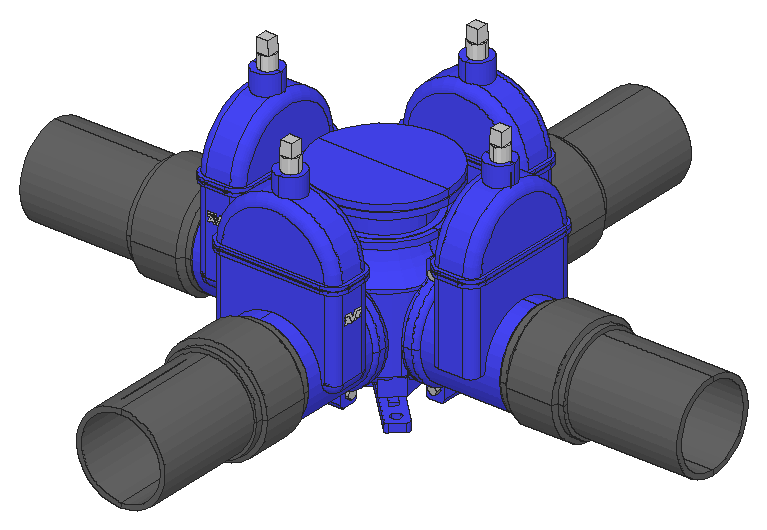
Revit family "18-01-010 DN200 Combicross without BL_CAP", category Pipe Accessories, Revit 2022
Family settings
  Round Connector Dimension = Use Diameter
  Part Type = Valve - Breaks Into
  Work Plane-Based = No
  Always vertical = Yes
  Cut with Voids When Loaded = No
  Shared = No
Parameters (values of type "DN200 Without BL_CAP")
  test = 100 mm  # constant formula
  blind cap = 220 mm  # constant formula
  URL_product_pages = "https://www.avkvalves.com/P.aspx?no=1820001FFFF94764"
  Search_table = "18-01-010 DN200 Combicross without BL_CAP"
  Rib_dim2 = 510 mm * 0.04  # 20.4 mm
  Rib_dim1 = 55 mm * 0.2  # 11 mm
  Raised_dis = size_lookup(Search_table, "Raised_dis", 0 mm, DN)  # 3 mm
  Rib_dim3 = PCD * 0.45  # 180 mm
  PCD = 510 mm - 110 mm  # 400 mm
  L3 = size_lookup(Search_table, "L3", 0 mm, DN)  # 1055 mm
  L = size_lookup(Search_table, "L", 0 mm, DN) / 2  # 834.5 mm
  Hole_dia = 26 mm / 2  # 13 mm
  H3-H1 = H3 - H1  # 490 mm
  H3 = size_lookup(Search_table, "H3", 0 mm, DN)  # 685 mm
  H1 = size_lookup(Search_table, "H1", 0 mm, DN)  # 195 mm
  FL_T = size_lookup(Search_table, "FL_T", 0 mm, DN)  # 16 mm
  Description_ = "COMBI-CROSS, PE PIPE ENDS, PN16"
  Default Elevation = 0 mm
  DN200 Without BL_CAP = "18-200-01-FFFF94764"
  DN = 200 mm
  Conn.3 = size_lookup(Search_table, "Conn.3", 0 mm, DN)  # 225 mm
  Conn.2 = size_lookup(Search_table, "Conn.2", 0 mm, DN)  # 225 mm
  Conn.1 = size_lookup(Search_table, "Conn.1", 0 mm, DN)  # 225 mm
  L4 = size_lookup(Search_table, "L4", 0 mm, DN)  # 280 mm
  Centre_Flange_OD = size_lookup(Search_table, "Centre_Flange_OD", 0 mm, DN) / 2  # 110 mm
  Centre_Bnt_H = size_lookup(Search_table, "Centre_Bnt_H", 0 mm, DN)  # 85 mm
  Centre_dis = size_lookup(Search_table, "Centre_dis", 0 mm, DN) / 2  # 165 mm
  Centre_B_H = size_lookup(Search_table, "Centre_B_H", 0 mm, DN)  # 203 mm
  C_to_connection = size_lookup(Search_table, "C_to_connection", 0 mm, DN)  # 165 mm
  C_FL_D = size_lookup(Search_table, "C_FL_D", 0 mm, DN) / 2  # 140 mm
  C_Bnt_OD = Bore * 1.25  # 125 mm
  Bore = DN / 2  # 100 mm
  Body_T = size_lookup(Search_table, "Body_T", 0 mm, DN)  # 9 mm
  Bnt_RR = Centre_dis * 0.85  # 140.25 mm
  55/2 = 55 mm / 2  # 27.5 mm
  510 = 510 mm / 2  # 255 mm
  40 = 40 mm  # constant formula
  320 = 320 mm / 2  # 160 mm
  30 = 30 mm  # constant formula
  20 = 20 mm  # constant formula
  2 = 2 mm  # constant formula
  185 = 185 mm  # constant formula
  15 = 15 mm  # constant formula
  10 = 10 mm  # constant formula
  1 = 150 mm  # constant formula
Reference planes
  plane 1 "Center (Front/Back)": y = 0
  plane 2: z = 0
  plane 3 "Center (Left/Right)": x = 0
  plane 4: through (0, 0, 1200) normal (-0.7071, 0.7071, 0)
  plane 5: through (0, 0, 1200) normal (-0.7071, -0.7071, 0)
  plane 6: z = 100
  plane 7: z = -100
  plane 8: z = 203
  plane 9: z = 187
  plane 10: x = -100
  plane 11: x = 100
  plane 12: x = -165
  plane 13: x = 165
  plane 14: z = 288
  plane 15: z = 285
  plane 16: z = 304
  plane 17: z = 490
  plane 18: x = -165
  plane 19: x = 165
  plane 20: y = 165
  plane 21: y = -165
  plane 22: through (124.616, -485.241, 1200) normal (0.7071, 0.7071, 0)
  plane 23: z = -195
  plane 24: z = -165
  plane 25: through (-593.135, 232.511, 1200) normal (0.7071, 0.7071, 0)
  plane 26: y = -75
  plane 27: x = -75
  plane 28: through (-126.931, 487.555, 1200) normal (0.7071, 0.7071, 0)
  plane 29: through (-400.771, -40.147, 1200) normal (-0.7071, 0.7071, 0)
  plane 30: through (-24.107, -384.732, 1200) normal (-0.7071, 0.7071, 0)
  plane 31: through (58.234, 97.33, 1200) normal (0.7071, 0.7071, 0)
  plane 32: through (-97.33, -58.234, 1200) normal (0.7071, 0.7071, 0)
  plane 33: through (58.234, -97.33, 1200) normal (-0.7071, 0.7071, 0)
  plane 34: through (-97.33, 58.234, 1200) normal (-0.7071, 0.7071, 0)
  plane 35: x = -834.5
  plane 36: x = 834.5
  plane 37: y = 834.5
  plane 38: y = 554.5
  plane 39: y = -220
Forms (mm)
  Revolve 1, solid, material "Laminate, Blue, Matte"
    sketch origin (0, 0, -71.799) x (1, 0, 0) y (0, 0, 1)
      loop
        line (-165, 180.799) -> (-165, 171.799) -> (-100, 171.799) -> (-100, 258.799) -> (-109, 258.799)
        arc (-109, 258.799) -> (-126.628, 212.353) -> (-165, 180.799) r 96.646
      axis (0, 258.799) -> (0, 171.799)
    angle from 0 to 360
  Revolve 2, solid, material "Laminate, Blue, Matte"
    sketch origin (0, 0, 0) x (1, 0, 0) y (0, 0, 1)
      loop
        line (165, 285) -> (140.25, 285) -> (140.25, 288) -> (100, 288) -> (100, 203) -> (109, 203) -> (109, 269) -> (165, 269) -> (165, 285)
      axis (0, 288) -> (0, 203)
    angle from 0 to 360
  Extrusion 3, solid, material "Laminate, Blue, Matte"
    sketch origin (-442.62, -1524, 203) x (-1, 0, 0) y (0, -1, 0)
      loop
        circle (-442.62, -1524) r 125
      loop
        circle (-442.62, -1524) r 100
    from 0 to -16
  Revolve 4, solid, material "Laminate, Blue, Matte"
    sketch origin (0, 0, 0) x (1, 0, 0) y (0, 0, 1)
      loop
        line (-165, 304) -> (-165, 288) -> (0, 288) -> (0, 304) -> (-165, 304)
      axis (0, 288) -> (0, 304)
    angle from 0 to 360
  Revolve 5, solid, material "Laminate, Blue, Matte"
    sketch origin (0, 0, 0) x (1, 0, 0) y (0, 0, 1)
      loop
        line (0, 100) -> (-165, 100) -> (-165, -89)
        arc (-165, -89) -> (-159.142, -103.142) -> (-145, -109) r 20
        line (-145, -109) -> (0, -109) -> (0, 100)
      axis (0, 100) -> (0, -109)
    angle from 0 to 360
  Revolve 6, solid, material "Laminate, Blue, Matte"
    sketch origin (0, 0, 0) x (1, 0, 0) y (0, 0, 1)
      loop
        line (-140, 203) -> (-140, 187) -> (0, 187) -> (0, 203) -> (-140, 203)
      axis (0, 203) -> (0, 187)
    angle from 0 to 360
  Extrusion 7, solid, material "Laminate, Blue, Matte"
    sketch origin (0, 0, 0) x (1, 0, 0) y (0, 0, 1)
      loop
        circle (0, 0) r 100
    from -165 to 165
  Extrusion 8, solid, material "Laminate, Blue, Matte"
    sketch origin (0, 0, 0) x (0, 1, 0) y (0, 0, 1)
      loop
        circle (0, 0) r 100
    from -165 to 165
  Extrusion 9, solid, material "Laminate, Blue, Matte"
    sketch origin (-49.134, 0, 0) x (1, 0, 0) y (0, 1, 0)
      loop
        line (-143.552, -167.938) -> (-118.804, -192.687)
        arc (-118.804, -192.687) -> (-111.733, -195.616) -> (-104.662, -192.687) r 10
        line (-104.662, -192.687) -> (49.134, -38.891) -> (202.93, -192.687)
        arc (202.93, -192.687) -> (210.001, -195.616) -> (217.072, -192.687) r 10
        line (217.072, -192.687) -> (241.821, -167.938)
        arc (241.821, -167.938) -> (244.75, -160.867) -> (241.821, -153.796) r 10
        line (241.821, -153.796) -> (88.025, 0) -> (241.821, 153.796)
        arc (241.821, 153.796) -> (244.75, 160.867) -> (241.821, 167.938) r 10
        line (241.821, 167.938) -> (217.072, 192.687)
        arc (217.072, 192.687) -> (210.001, 195.616) -> (202.93, 192.687) r 10
        line (202.93, 192.687) -> (49.134, 38.891) -> (-104.662, 192.687)
        arc (-104.662, 192.687) -> (-111.733, 195.616) -> (-118.804, 192.687) r 10
        line (-118.804, 192.687) -> (-143.552, 167.938)
        arc (-143.552, 167.938) -> (-146.481, 160.867) -> (-143.552, 153.796) r 10
        line (-143.552, 153.796) -> (10.243, 0) -> (-143.552, -153.796)
        arc (-143.552, -153.796) -> (-146.481, -160.867) -> (-143.552, -167.938) r 10
      loop
        circle (-110.866, -160) r 13
      loop
        circle (209.134, 160) r 13
      loop
        circle (209.134, -160) r 13
      loop
        circle (-110.866, 160) r 13
    from -145 to -165
  Extrusion 10, solid, material "Laminate, Blue, Matte"
    sketch origin (-49.134, 0, 0) x (1, 0, 0) y (0, 1, 0)
      loop
        arc (7.168, 84.393) -> (-22.762, 73.329) -> (-50.003, 56.711) r 165
        arc (-50.003, 56.711) -> (-46.166, 0.021) -> (-49.963, -56.67) r 422.946
        arc (-49.963, -56.67) -> (-22.715, -73.283) -> (7.222, -84.339) r 165
        arc (7.222, -84.339) -> (85.141, -81.585) -> (141.826, -135.118) r 101.048
        arc (141.826, -135.118) -> (165.421, -116.375) -> (185.214, -93.653) r 165
        arc (185.214, -93.653) -> (170.726, -0.064) -> (185.102, 93.541) r 310.722
        arc (185.102, 93.541) -> (165.83, 116.696) -> (142.669, 135.962) r 165
        arc (142.669, 135.962) -> (85.388, 82.667) -> (7.168, 84.393) r 103.982
    from -135 to 0
  Extrusion 11, solid, material "Laminate, Blue, Matte"
    sketch origin (-49.134, 0, 0) x (1, 0, 0) y (0, 1, 0)
      loop
        line (49.134, 14.142) -> (-71.074, 134.35) -> (-85.216, 120.208) -> (34.992, 0) -> (-85.216, -120.208) -> (-71.074, -134.35) -> (49.134, -14.142) -> (169.342, -134.35) -> (183.484, -120.208) -> (63.276, 0) -> (183.484, 120.208) -> (169.342, 134.35) -> (49.134, 14.142)
    from -139.465 to -195
  Extrusion 12, solid, material "Laminate, Blue, Matte"
    sketch origin (-49.134, 0, 0) x (1, 0, 0) y (0, 1, 0)
      loop
        line (104.713, 71.135) -> (120.269, 55.579) -> (149.119, 84.429) -> (133.563, 99.985) -> (104.713, 71.135)
      loop
        line (-50.851, -84.429) -> (-35.294, -99.985) -> (-6.444, -71.135) -> (-22.001, -55.579) -> (-50.851, -84.429)
      loop
        line (149.119, -84.429) -> (120.269, -55.579) -> (104.713, -71.135) -> (133.563, -99.985) -> (149.119, -84.429)
      loop
        line (-6.444, 71.135) -> (-35.294, 99.985) -> (-50.851, 84.429) -> (-22.001, 55.579) -> (-6.444, 71.135)
    from -165 to 100
Dimensions and locks
  equal spacing: plane 6, level, plane 7
  "Bore": plane 6 to level
  "Centre_B_H": plane 8 to level
  "FL_T": plane 8 to plane 9
  equal spacing: plane 11, plane 3 "Center (Left/Right)", plane 10
  "Bore": plane 3 "Center (Left/Right)" to plane 10
  "Body_T": plane 10 to Revolve 1 sketch curve
  equal spacing: plane 13, plane 3 "Center (Left/Right)", plane 12
  "Centre_dis": plane 3 "Center (Left/Right)" to plane 12
  "Centre_Bnt_H": plane 8 to plane 14
  "Raised_dis": Revolve 2 sketch curve to plane 14
  "Body_T": Revolve 2 sketch curve to plane 11
  "Raised_dis": plane 15 to plane 14
  "FL_T": Revolve 2 sketch curve to plane 15
  "Bnt_RR": Revolve 2 sketch curve to plane 3 "Center (Left/Right)"
  equal spacing: Extrusion 3 sketch curve, plane 3 "Center (Left/Right)", Extrusion 3 sketch curve  (x2)
  equal spacing: Extrusion 3 sketch curve, plane 1 "Center (Front/Back)", Extrusion 3 sketch curve  (x2)
  "FL_T": plane 16 to plane 14
  "H3-H1": plane 17 to level
  "Body_T": plane 7 to Revolve 5 sketch curve
  "C_FL_D": plane 3 "Center (Left/Right)" to Revolve 6 sketch curve
  equal spacing: Extrusion 7 sketch curve, plane 3 "Center (Left/Right)", Extrusion 7 sketch curve
  equal spacing: Extrusion 7 sketch curve, level, Extrusion 7 sketch curve
  equal spacing: Extrusion 7, plane 1 "Center (Front/Back)", Extrusion 7
  "C_to_connection": Extrusion 7 to plane 1 "Center (Front/Back)"
  equal spacing: plane 19, plane 3 "Center (Left/Right)", plane 18
  "C_to_connection": plane 3 "Center (Left/Right)" to plane 18
  equal spacing: Extrusion 8 sketch curve, plane 1 "Center (Front/Back)", Extrusion 8 sketch curve
  equal spacing: Extrusion 8 sketch curve, level, Extrusion 8 sketch curve
  equal spacing: Extrusion 8, plane 3 "Center (Left/Right)", Extrusion 8
  equal spacing: plane 20, plane 1 "Center (Front/Back)", plane 21
  "C_to_connection": plane 20 to plane 1 "Center (Front/Back)"
  equal spacing: Extrusion 9 sketch curve, plane 4, Extrusion 9 sketch curve
  "55/2": Extrusion 9 sketch curve to plane 4
  "510": plane 5 to Extrusion 9 sketch curve
  "510": plane 5 to plane 22
  "H1": level to plane 23
  "30": Extrusion 9 to plane 23
  "30": plane 24 to plane 23
  "20": Extrusion 9 to plane 24
  "510": plane 5 to plane 25
  "510": plane 28 to plane 5
  Extrusion 9 sketch curve to Extrusion 9 sketch curve = 55 mm
  "510": plane 29 to plane 4
  "510": plane 4 to plane 30
  "Body_T": Revolve 1 sketch curve to plane 6
  "Centre_Flange_OD": plane 31 to plane 5
  equal spacing: Extrusion 12 sketch curve, plane 4, Extrusion 12 sketch curve  (x2)
  "Rib_dim2": plane 31 to Extrusion 12 sketch curve
  "Rib_dim2": Extrusion 12 sketch curve to plane 31
  "Rib_dim1": Extrusion 12 sketch curve to plane 4
  equal spacing: Extrusion 12 sketch curve, plane 5, Extrusion 12 sketch curve  (x2)
  "Rib_dim2": Extrusion 12 sketch curve to plane 32
  "Rib_dim2": plane 33 to Extrusion 12 sketch curve
  "Rib_dim2": Extrusion 12 sketch curve to plane 33
  "Rib_dim2": plane 34 to Extrusion 12 sketch curve
  "Rib_dim1": Extrusion 12 sketch curve to plane 5
  "Rib_dim1": plane 5 to Extrusion 12 sketch curve
  equal spacing: Extrusion 9 sketch curve, plane 5, Extrusion 9 sketch curve
  "320": Extrusion 9 sketch curve to plane 3 "Center (Left/Right)"  (x2)
  "320": plane 3 "Center (Left/Right)" to Extrusion 9 sketch curve  (x2)
  equal spacing: Extrusion 11 sketch curve, plane 4, Extrusion 11 sketch curve  (x2)
  equal spacing: Extrusion 11 sketch curve, plane 5, Extrusion 11 sketch curve  (x2)
  "10": Extrusion 11 sketch curve to plane 5
  "10": plane 4 to Extrusion 11 sketch curve
  "Rib_dim3": Extrusion 11 sketch curve to plane 5
  "Rib_dim3": Extrusion 11 sketch curve to plane 4
  equal spacing: Extrusion 10 sketch curve, plane 5, Extrusion 10 sketch curve  (x2)
  "30": plane 5 to Extrusion 10 sketch curve
  equal spacing: Extrusion 10 sketch curve, plane 4, Extrusion 10 sketch curve  (x2)
  "30": Extrusion 10 sketch curve to plane 5
  "30": plane 4 to Extrusion 10 sketch curve  (x2)
  "L": plane 35 to plane 3 "Center (Left/Right)"
  "L": plane 3 "Center (Left/Right)" to plane 36
  plane 35 to plane 36 = 1669 mm
  "L": plane 1 "Center (Front/Back)" to plane 37
  "L4": plane 37 to plane 38
  "blind cap": plane 39 to plane 1 "Center (Front/Back)"
  plane 37 to plane 38 = 280 mm
  plane 17 to plane 23 = 685 mm
  level to plane 23 = 195 mm
  "Bore": radius of Extrusion 3 sketch curve
  "C_Bnt_OD": radius of Extrusion 3 sketch curve
  "Bore": radius of Extrusion 7 sketch curve
  "Bore": radius of Extrusion 8 sketch curve
  "Hole_dia": radius of Extrusion 9 sketch curve  (x4)
  "10": radius of Extrusion 9 sketch curve  (x8)
  "Centre_dis": radius of Extrusion 10 sketch curve  (x4)
  aligned and locked: level to plane 2
  aligned and locked: Revolve 1 sketch curve to plane 3 "Center (Left/Right)"
  aligned and locked: Revolve 1 sketch curve to plane 6
  aligned and locked: plane 10 to Revolve 1 sketch curve
  aligned and locked: plane 9 to Revolve 1 sketch curve
  aligned and locked: Revolve 1 sketch curve to plane 12
  aligned and locked: Revolve 2 sketch curve to plane 3 "Center (Left/Right)"
  aligned and locked: plane 8 to Revolve 2 sketch curve
  aligned and locked: Revolve 2 sketch curve to plane 11
  aligned and locked: plane 14 to Revolve 2 sketch curve
  aligned and locked: plane 13 to Revolve 2 sketch curve
  aligned and locked: plane 8 to Extrusion 3
  aligned and locked: Extrusion 3 to plane 9
  aligned and locked: plane 16 to Revolve 4 sketch curve
  aligned and locked: plane 12 to Revolve 4 sketch curve
  aligned and locked: plane 14 to Revolve 4 sketch curve
  aligned and locked: Revolve 4 sketch curve to plane 3 "Center (Left/Right)"
  aligned and locked: Revolve 4 sketch curve to plane 16
  aligned and locked: plane 3 "Center (Left/Right)" to Revolve 5 sketch curve
  aligned and locked: plane 6 to Revolve 5 sketch curve
  aligned and locked: Revolve 5 sketch curve to plane 3 "Center (Left/Right)"
  aligned and locked: Revolve 6 sketch curve to plane 3 "Center (Left/Right)"  (x2)
  aligned and locked: Revolve 6 sketch curve to plane 8
  aligned and locked: plane 9 to Revolve 6 sketch curve
  aligned and locked: Extrusion 8 to plane 18
  aligned and locked: Extrusion 9 sketch curve to plane 22
  aligned and locked: level to Extrusion 10
  aligned and locked: Extrusion 9 sketch curve to plane 28
  aligned and locked: Extrusion 9 sketch curve to Extrusion 9 sketch curve  (x2)
  aligned and locked: plane 30 to Extrusion 9 sketch curve
  aligned and locked: Extrusion 9 sketch curve to plane 29
  aligned and locked: Extrusion 11 sketch curve to Extrusion 11 sketch curve  (x4)
  aligned and locked: Extrusion 12 sketch curve to Extrusion 12 sketch curve  (x4)
  aligned and locked: Extrusion 12 to plane 24
  aligned and locked: plane 6 to Extrusion 12
  aligned and locked: plane 18 to nested 1
  aligned and locked: plane 20 to nested 2
  aligned and locked: nested 2 to plane 3 "Center (Left/Right)"
  aligned and locked: nested 3 to plane 19
  aligned and locked: nested 3 to plane 1 "Center (Front/Back)"
  aligned and locked: plane 3 "Center (Left/Right)" to nested 4
  aligned and locked: nested 4 to plane 21
  aligned and locked: Extrusion 11 to plane 23
Automatic sketch dimensions
  Revolve 4 sketch curve to plane 3 "Center (Left/Right)" = 0 mm
  plane 16 to Revolve 4 sketch curve = 85 mm
  Revolve 1 sketch curve to plane 8 = 6.082 mm
  Revolve 1 sketch curve to plane 9 = 32.024 mm
  plane 8 to Revolve 1 sketch curve = 16.976 mm
  Revolve 2 sketch curve to plane 17 = 11.711 mm
  plane 17 to Revolve 2 sketch curve = 3.289 mm
  Revolve 5 sketch curve to plane 12 = 0 mm
  plane 12 to Revolve 5 sketch curve = 20 mm
  Revolve 5 sketch curve to Revolve 5 sketch curve = 31 mm
  Revolve 5 sketch curve to plane 9 = 15 mm
  Revolve 6 sketch curve to plane 9 = 20 mm
  Revolve 6 sketch curve to Revolve 6 sketch curve = 25 mm
  plane 1 "Center (Front/Back)" to Extrusion 9 sketch curve = 0 mm  (x2)
  Extrusion 9 sketch curve to plane 3 "Center (Left/Right)" = 0 mm  (x2)
  Extrusion 9 sketch curve to plane 5 = 0 mm
  Extrusion 9 sketch curve to plane 4 = 0 mm  (x2)
  plane 1 "Center (Front/Back)" to Extrusion 10 sketch curve = 0.129 mm
  plane 35 to Extrusion 10 sketch curve = 316.253 mm
  Extrusion 10 sketch curve to plane 3 "Center (Left/Right)" = 0.731 mm
  plane 3 "Center (Left/Right)" to Extrusion 10 sketch curve = 0.01 mm
  plane 3 "Center (Left/Right)" to Extrusion 10 sketch curve = 0.016 mm
  Extrusion 10 sketch curve to plane 1 "Center (Front/Back)" = 0.007 mm
  plane 3 "Center (Left/Right)" to Extrusion 10 sketch curve = 0.04 mm
  plane 3 "Center (Left/Right)" to Extrusion 10 sketch curve = 0.34 mm
  plane 3 "Center (Left/Right)" to Extrusion 10 sketch curve = 2.288 mm
  Extrusion 10 sketch curve to plane 1 "Center (Front/Back)" = 0.121 mm
  plane 13 to Extrusion 10 sketch curve = 267.313 mm
  plane 21 to Extrusion 10 sketch curve = 11.129 mm
Nested families
  nested 1: "Gate valve DN200" at (-296, 0, 0), type "Gate valve DN200"
  nested 2: "Gate valve DN200" at (0, 296, 0) x (0, -1, 0) z (0, 0, 1), type "Gate valve DN200"
  nested 3: "Gate valve DN200" at (296, 0, 0) x (-1, 0, 0) z (0, 0, 1), type "Gate valve DN200"
  nested 4: "Gate valve DN200" at (0, -296, 0) x (0, 1, 0) z (0, 0, 1), type "Gate valve DN200"
Connectors
  piping at (-834, 0, 0), diameter 200, driven by "DN"
    settings: on nested 1, index 1, connector inside diameter 609.6 mm, connector length 0 mm, flow factor 0, pipe flow 0.0 L/s, pressure drop 0.0 Pa, fitting loss kfactor 0, connector angle 0.00°, fixture units 0, engagement length 0 mm, angle of deflection 0.00°, flow configuration 0, flow direction 0, fitting loss method 0, system type 7, joint type 0, gender type 0, connector reference index -1, connector utility 0, adjustable connector no, is connector primary yes, connector description ""
  piping at (834, 0, 0), diameter 200, driven by "DN"
    settings: on nested 3, index 2, connector inside diameter 609.6 mm, connector length 0 mm, flow factor 0, pipe flow 0.0 L/s, pressure drop 0.0 Pa, fitting loss kfactor 0, connector angle 0.00°, fixture units 0, engagement length 0 mm, angle of deflection 0.00°, flow configuration 0, flow direction 0, fitting loss method 0, system type 7, joint type 0, gender type 0, connector reference index -1, connector utility 0, adjustable connector no, is connector primary no, connector description ""
  piping at (0, 834, 0), diameter 200, driven by "DN"
    settings: on nested 2, index 3, connector inside diameter 609.6 mm, connector length 0 mm, flow factor 0, pipe flow 0.0 L/s, pressure drop 0.0 Pa, fitting loss kfactor 0, connector angle 0.00°, fixture units 0, engagement length 0 mm, angle of deflection 0.00°, flow configuration 0, flow direction 0, fitting loss method 0, system type 7, joint type 0, gender type 0, connector reference index -1, connector utility 0, adjustable connector no, is connector primary no, connector description ""
  piping at (0, -834, 0), diameter 200, driven by "DN"
    settings: on nested 4, index 4, connector inside diameter 609.6 mm, connector length 0 mm, flow factor 0, pipe flow 0.0 L/s, pressure drop 0.0 Pa, fitting loss kfactor 0, connector angle 0.00°, fixture units 0, engagement length 0 mm, angle of deflection 0.00°, flow configuration 0, flow direction 0, fitting loss method 0, system type 7, joint type 0, gender type 0, connector reference index -1, connector utility 0, adjustable connector no, is connector primary no, connector description ""
Definition of nested family "Gate valve DN200"
  Parameters (values of type "Gate valve DN200")
    max_H = size_lookup(Search_table, "max_H", 0 mm, DN)  # 130 mm
    Width = size_lookup(Search_table, "Width", 0 mm, DN) / 2  # 23.5 mm
    Stem_Hole = 21.5 mm  # constant formula
    Stem_H = 47 mm  # constant formula
    Stem_F2 = 34 mm  # constant formula
    Stem_F1 = 30 mm / 2  # 15 mm
    Stem_F = 28 mm / 2  # 14 mm
    Search_table = "Gate valve"
    SctoF = size_lookup(Search_table, "SctoF", 0 mm, DN)  # 670 mm
    Polymer = (H33 - HH) * 0.95  # 126.35 mm
    PE_dis1 = PE_dis * 0.1  # 16.2 mm
    PE_dis = size_lookup(Search_table, "PE_dis", 0 mm, DN)  # 162 mm
    PE_dia1 = PE_dia * 0.9  # 120.6 mm
    PE_dia = size_lookup(Search_table, "PE_dia", 0 mm, DN) / 2  # 134 mm
    L4 = size_lookup(Search_table, "L4", 0 mm, DN)  # 280 mm
    L/2 = L * 0.5  # 834.5 mm
    L = size_lookup(Search_table, "L", 0 mm, DN)  # 1669 mm
    Inner_Width = size_lookup(Search_table, "Inner_Width", 0 mm, DN)  # 32.5 mm
    HH = size_lookup(Search_table, "HH", 0 mm, DN)  # 490 mm
    H33-HH = (H33 - HH)  # 133 mm
    H33 = size_lookup(Search_table, "H33", 0 mm, DN)  # 623 mm
    H3-H1 = H3 - H1  # 490 mm
    H3 = size_lookup(Search_table, "H3", 0 mm, DN)  # 685 mm
    H1 = size_lookup(Search_table, "H1", 0 mm, DN)  # 195 mm
    Default Elevation = 1219.2 mm
    DN = 200 mm
    D = size_lookup(Search_table, "D", 0 mm, DN) / 2  # 112.5 mm
    CtoSocket = size_lookup(Search_table, "CtoSocket", 0 mm, DN)  # 131 mm
    CtoFit = size_lookup(Search_table, "CtoFit", 0 mm, DN)  # 258 mm
    Clamp_width = size_lookup(Search_table, "Clamp_width", 0 mm, DN) / 2  # 159 mm
    Clamp_w_T = size_lookup(Search_table, "Clamp_w_T", 0 mm, DN)  # 11 mm
    Clamp_W_H = size_lookup(Search_table, "Clamp_W_H", 0 mm, DN)  # 42 mm
    Clamp_R = size_lookup(Search_table, "Clamp_R", 0 mm, DN)  # 112 mm
    Bore = DN / 2  # 100 mm
    Bont_dim2 = Stem_Hole * 1.7  # 36.55 mm
    Bont_R = size_lookup(Search_table, "Bont_R", 0 mm, DN)  # 40 mm
    Body_T = size_lookup(Search_table, "Body_T", 0 mm, DN)  # 9 mm
    Body_R = 25 mm  # constant formula
    Bnt_FL_W = size_lookup(Search_table, "Bnt_FL_W", 0 mm, DN) / 2  # 167 mm
    Bnt_FL_L = Bdy_W * 1.18  # 64.9 mm
    Bdy_W = size_lookup(Search_table, "Bdy_W", 0 mm, DN) / 2  # 55 mm
    Bdy_Rib_L = size_lookup(Search_table, "Bdy_Rib_L", 0 mm, DN) / 2  # 70 mm
    Bdy_OD_R = size_lookup(Search_table, "Bdy_OD_R", 0 mm, DN)  # 118 mm
    Bdy_L = size_lookup(Search_table, "Bdy_L", 0 mm, DN) / 2  # 157 mm
    Bdy_H = size_lookup(Search_table, "Bdy_H", 0 mm, DN)  # 220 mm
    Bdy_FL_T = size_lookup(Search_table, "Bdy_FL_T", 0 mm, DN)  # 9 mm
    5 = 10 mm  # constant formula
    1 = 1 mm  # constant formula
  Reference planes
    plane 1 "Center (Front/Back)": y = 0
    plane 2: z = 0
    plane 3 "Center (Left/Right)": x = 0
    plane 4: z = 100
    plane 5: z = -100
    plane 6: x = -538
    plane 7: x = 131
    plane 8: y = -157
    plane 9: y = -132
    plane 10: y = 157
    plane 11: y = 57
    plane 12: z = 220
    plane 13: z = 490
    plane 14: z = 456
    plane 15: z = 456
    plane 16: z = 456
    plane 17: x = -258
    plane 18: x = -96
    plane 19: y = 120.6
    plane 20: x = 55
    plane 21: z = 130
    plane 22: z = 130
    plane 23: y = 42
    plane 24: z = 112.5
  Forms (mm)
    Extrusion 1, solid
      sketch origin (0, 0, 0) x (1, 0, 0) y (0, 1, 0)
        loop
          line (-20, 15.981) -> (-20, -7.599) -> (20.031, -7.599) -> (20.031, 15.981) -> (-20, 15.981)
      from 0 to 3.871
    Revolve 2, solid
      sketch origin (0, 0, 0) x (1, 0, 0) y (0, 0, 1)
        loop
          line (-538, 112.5) -> (-538, 100) -> (-258, 100) -> (-258, 112.5) -> (-538, 112.5)
        axis (-538, 0) -> (-258, 0)
      angle from 0 to 360
    Extrusion 3, solid
      sketch origin (0, 0, 0) x (1, 0, 0) y (0, 1, 0)
        loop
          arc (-30, 157) -> (-47.678, 149.678) -> (-55, 132) r 25
          line (-55, 132) -> (-55, -132)
          arc (-55, -132) -> (-47.678, -149.678) -> (-30, -157) r 25
          line (-30, -157) -> (30, -157)
          arc (30, -157) -> (47.678, -149.678) -> (55, -132) r 25
          line (55, -132) -> (55, 132)
          arc (55, 132) -> (47.678, 149.678) -> (30, 157) r 25
          line (30, 157) -> (-30, 157)
      from 0 to 220
    Revolve 4, solid
      sketch origin (0, 0, 0) x (1, 0, 0) y (0, 1, 0)
        loop
          arc (-55, -132) -> (-47.678, -149.678) -> (-30, -157) r 25
          line (-30, -157) -> (30, -157)
          arc (30, -157) -> (47.678, -149.678) -> (55, -132) r 25
          line (55, -132) -> (-55, -132)
        axis (-55, -132) -> (55, -132)
      angle from 0 to 360
    Revolve 5, solid
      sketch origin (0, 0, 0) x (1, 0, 0) y (0, 1, 0)
        loop
          line (-55, 57) -> (55, 57)
          arc (55, 57) -> (47.494, 74.333) -> (30.006, 81.468) r 25
          line (30.006, 81.468) -> (-30.006, 81.468)
          arc (-30.006, 81.468) -> (-47.494, 74.333) -> (-55, 57) r 25
        axis (55, 57) -> (-55, 57)
      angle from 0 to 360
    Revolve 6, solid
      sketch origin (-493.771, -4572, 220) x (-1, 0, 0) y (0, -1, 0)
        loop
          arc (-463.771, -4729) -> (-446.093, -4721.678) -> (-438.771, -4704) r 25
          line (-438.771, -4704) -> (-438.771, -4572) -> (-548.771, -4572) -> (-548.771, -4704)
          arc (-548.771, -4704) -> (-541.449, -4721.678) -> (-523.771, -4729) r 25
          line (-523.771, -4729) -> (-463.771, -4729)
        axis (-438.771, -4572) -> (-548.771, -4572)
      angle from 0 to -180
    Extrusion 7, solid
      sketch origin (-493.771, -4572, 220) x (-1, 0, 0) y (0, -1, 0)
        loop
          arc (-468.871, -4739) -> (-440.587, -4727.284) -> (-428.871, -4699) r 40
          line (-428.871, -4699) -> (-428.871, -4445)
          arc (-428.871, -4445) -> (-440.587, -4416.716) -> (-468.871, -4405) r 40
          line (-468.871, -4405) -> (-518.671, -4405)
          arc (-518.671, -4405) -> (-546.955, -4416.716) -> (-558.671, -4445) r 40
          line (-558.671, -4445) -> (-558.671, -4699)
          arc (-558.671, -4699) -> (-546.955, -4727.284) -> (-518.671, -4739) r 40
          line (-518.671, -4739) -> (-468.871, -4739)
      from -9 to 9
    Sweep 8, void
      path in 3D
        loop
          arc (24.9, -167, 229) -> (53.184, -155.284, 229) -> (64.9, -127, 229) r 40
          line (64.9, -127, 229) -> (64.9, 127, 229)
          arc (64.9, 127, 229) -> (53.184, 155.284, 229) -> (24.9, 167, 229) r 40
          line (24.9, 167, 229) -> (-24.9, 167, 229)
          arc (-24.9, 167, 229) -> (-53.184, 155.284, 229) -> (-64.9, 127, 229) r 40
          line (-64.9, 127, 229) -> (-64.9, -127, 229)
          arc (-64.9, -127, 229) -> (-53.184, -155.284, 229) -> (-24.9, -167, 229) r 40
          line (-24.9, -167, 229) -> (24.9, -167, 229)
      profile origin (0, -167, 229) x (0, 1, 0) y (0, 0, 1)
        loop
          circle (0, -9) r 1
    Revolve 9, solid
      sketch origin (0, 0, 0) x (0, 1, 0) y (0, 0, 1)
        loop
          line (0, 456) -> (-21.5, 456) -> (-21.5, 220) -> (0, 220) -> (0, 456)
        axis (0, 456) -> (0, 220)
      angle from 0 to 360
    Revolve 10, solid
      sketch origin (0, 0, 0) x (1, 0, 0) y (0, 0, 1)
        loop
          line (0, 220) -> (36.55, 220) -> (36.55, 422) -> (0, 422) -> (0, 220)
        axis (0, 422) -> (0, 220)
      angle from 0 to 360
    Blend 11, solid
      base sketch origin (-122.707, -4572, 456) x (-1, 0, 0) y (0, -1, 0)
        loop
          line (-108.707, -4586) -> (-108.707, -4558) -> (-136.707, -4558) -> (-136.707, -4586) -> (-108.707, -4586)
      top sketch origin (-122.707, -4572, 456) x (-1, 0, 0) y (0, -1, 0)
        loop
          line (-107.707, -4587) -> (-107.707, -4557) -> (-137.707, -4557) -> (-137.707, -4587) -> (-107.707, -4587)
      from 34 to 0
    Extrusion 12, solid
      sketch origin (0, 0, 0) x (1, 0, 0) y (0, 0, 1)
        loop
          line (-23.918, 146.897) -> (-23.918, 142.626) -> (-18.918, 142.626) -> (-23.918, 130.401) -> (-18.918, 130.401) -> (-17.873, 132.958) -> (-10.679, 132.958) -> (-8.889, 130.401) -> (-3.889, 130.401) -> (-11.233, 146.897) -> (-23.918, 146.897)
        loop
          line (-16.916, 137.448) -> (-12.014, 137.448) -> (-14.569, 143.187) -> (-16.916, 137.448)
        loop
          line (-23.918, 153.623) -> (-23.918, 148.623) -> (-9.985, 148.623) -> (-1.872, 130.401) -> (2.613, 130.401) -> (10.066, 148.623) -> (25.066, 148.623) -> (25.066, 153.623) -> (6.51, 153.623) -> (0, 137.706) -> (-5.793, 153.623) -> (-23.918, 153.623)
        loop
          line (11.596, 147.227) -> (4.714, 130.401) -> (9.714, 130.401) -> (12.401, 136.971) -> (17.001, 130.401) -> (23.155, 130.401) -> (17.448, 137.448)
          arc (17.448, 137.448) -> (20.917, 139.098) -> (23.144, 142.227) r 7.64
          line (23.144, 142.227) -> (25.066, 142.227) -> (25.066, 147.227) -> (19.932, 147.227) -> (19.583, 145.483)
          arc (19.583, 145.483) -> (17.625, 142.244) -> (14.05, 141.003) r 5.574
          line (14.05, 141.003) -> (16.596, 147.227) -> (11.596, 147.227)
      from 157 to 158
    Revolve 13, solid
      sketch origin (0, 0, 0) x (1, 0, 0) y (0, 1, 0)
        loop
          line (-238.715, 134) -> (-241.8, 121.6) -> (-258, 121.6) -> (-258, 57) -> (-96, 57) -> (-96, 121.6) -> (-112.2, 121.6) -> (-124.6, 134) -> (-238.715, 134)
        axis (-258, 0) -> (-96, 0)
      angle from 0 to 360
    Revolve 14, solid
      sketch origin (0, 0, 0) x (1, 0, 0) y (0, 0, 1)
        loop
          line (-82, 100) -> (-96, 100) -> (-96, 0) -> (-82, 0) -> (-82, 100)
        axis (-96, 0) -> (-82, 0)
      angle from 0 to 360
    Revolve 15, solid
      sketch origin (0, 0, 0) x (1, 0, 0) y (0, 1, 0)
        loop
          line (154.5, 100) -> (154.5, 116)
          arc (154.5, 116) -> (150.399, 125.899) -> (140.5, 130) r 14
          line (140.5, 130) -> (121.5, 130)
          arc (121.5, 130) -> (111.601, 125.899) -> (107.5, 116) r 14
          line (107.5, 116) -> (107.5, 100) -> (154.5, 100)
        axis (107.5, 0) -> (154.5, 0)
      angle from 0 to 360
    Extrusion 16, solid
      sketch origin (0, 0, 0) x (1, 0, 0) y (0, 0, 1)
        loop
          arc (117.5, 159) -> (110.429, 156.071) -> (107.5, 149) r 10
          line (107.5, 149) -> (107.5, 116) -> (154.5, 116) -> (154.5, 149)
          arc (154.5, 149) -> (151.571, 156.071) -> (144.5, 159) r 10
          line (144.5, 159) -> (117.5, 159)
        loop
          line (107.5, -116) -> (107.5, -149)
          arc (107.5, -149) -> (110.429, -156.071) -> (117.5, -159) r 10
          line (117.5, -159) -> (144.5, -159)
          arc (144.5, -159) -> (151.571, -156.071) -> (154.5, -149) r 10
          line (154.5, -149) -> (154.5, -116) -> (107.5, -116)
      from -42 to 42
    Extrusion 17, solid
      sketch origin (0, 0, 0) x (1, 0, 0) y (0, 0, 1)
        loop
          circle (132.499, 130) r 10.75
        loop
          circle (131, -130) r 10.75
      from -52 to 52
    Extrusion 18, solid
      sketch origin (131, -4572, 279.192) x (0, 0, 1) y (0, -1, 0)
        loop
          circle (-279.192, -4572) r 100
        loop
          circle (-279.192, -4572) r 120.6
      from -227 to 0
  Cuts and joins
    Sweep 8 cuts Extrusion 7
  Lines and regions (mm)
    sketch lines
      curve 1: line (-24.9, -167, 229) -> (24.9, -167, 229)
      curve 2: arc (-24.9, -167, 229) -> (-53.184, -155.284, 229) -> (-64.9, -127, 229) r 40
      curve 3: arc (64.9, -127, 229) -> (53.184, -155.284, 229) -> (24.9, -167, 229) r 40
      curve 4: line (64.9, -127, 229) -> (64.9, 127, 229)
      curve 5: arc (24.9, 167, 229) -> (53.184, 155.284, 229) -> (64.9, 127, 229) r 40
      curve 6: line (24.9, 167, 229) -> (-24.9, 167, 229)
      curve 7: line (-64.9, 127, 229) -> (-64.9, -127, 229)
      curve 8: arc (-64.9, 127, 229) -> (-53.184, 155.284, 229) -> (-24.9, 167, 229) r 40
  Dimensions and locks
    equal spacing: plane 4, level, plane 5
    "Bore": plane 4 to level
    equal spacing: Extrusion 3 sketch curve, plane 3 "Center (Left/Right)", Extrusion 3 sketch curve
    equal spacing: Extrusion 3 sketch curve, plane 1 "Center (Front/Back)", Extrusion 3 sketch curve
    "Bdy_W": Extrusion 3 sketch curve to plane 3 "Center (Left/Right)"
    "Bdy_L": plane 1 "Center (Front/Back)" to Extrusion 3 sketch curve
    "Bdy_L": plane 8 to plane 1 "Center (Front/Back)"
    "Body_R": plane 9 to plane 8
    "Bdy_L": plane 1 "Center (Front/Back)" to plane 10
    "CtoSocket": plane 7 to plane 3 "Center (Left/Right)"
    "Bdy_H": plane 12 to level
    equal spacing: Revolve 6 sketch curve, plane 3 "Center (Left/Right)", Revolve 6 sketch curve
    "Bdy_L": plane 1 "Center (Front/Back)" to Revolve 6 sketch curve
    "Bdy_W": Revolve 6 sketch curve to plane 3 "Center (Left/Right)"
    equal spacing: Extrusion 7 sketch curve, plane 3 "Center (Left/Right)", Extrusion 7 sketch curve
    equal spacing: Extrusion 7 sketch curve, plane 1 "Center (Front/Back)", Extrusion 7 sketch curve
    "Bnt_FL_W": plane 1 "Center (Front/Back)" to Extrusion 7 sketch curve
    "Bnt_FL_L": plane 3 "Center (Left/Right)" to Extrusion 7 sketch curve
    equal spacing: Extrusion 7, plane 12, Extrusion 7
    "Bdy_FL_T": Extrusion 7 to plane 12
    "1": Sweep 8 sketch curve to plane 12
    "Bnt_FL_W": plane 1 "Center (Front/Back)" to Sweep 8 sketch curve
    "H3-H1": plane 13 to level
    "Stem_Hole": plane 1 "Center (Front/Back)" to Revolve 9 sketch curve
    "Stem_F2": plane 13 to plane 14
    "Bont_dim2": Revolve 10 sketch curve to plane 3 "Center (Left/Right)"
    "Stem_F2": plane 13 to plane 15
    "Stem_F2": plane 15 to Revolve 10 sketch curve
    "Stem_F2": plane 13 to plane 16
    equal spacing: Blend 11 sketch curve, plane 3 "Center (Left/Right)", Blend 11 sketch curve  (x2)
    equal spacing: Blend 11 sketch curve, plane 1 "Center (Front/Back)", Blend 11 sketch curve  (x2)
    "Stem_F": plane 3 "Center (Left/Right)" to Blend 11 sketch curve
    "Stem_F": plane 1 "Center (Front/Back)" to Blend 11 sketch curve
    "Stem_F1": plane 1 "Center (Front/Back)" to Blend 11 sketch curve
    "Stem_F1": plane 3 "Center (Left/Right)" to Blend 11 sketch curve
    "Bdy_L": plane 1 "Center (Front/Back)" to Extrusion 12
    "1": plane 8 to Extrusion 12
    "CtoFit": plane 3 "Center (Left/Right)" to plane 17
    "L4": plane 17 to plane 6
    "PE_dis": plane 18 to plane 17
    "PE_dia": plane 1 "Center (Front/Back)" to Revolve 13 sketch curve
    "PE_dia1": plane 1 "Center (Front/Back)" to plane 19
    "1": Revolve 13 sketch curve to plane 19
    "PE_dis1": plane 17 to Revolve 13 sketch curve
    "PE_dis1": Revolve 13 sketch curve to plane 18
    "Bdy_W": plane 20 to plane 3 "Center (Left/Right)"
    "Bore": level to Revolve 14 sketch curve
    "Stem_F": Revolve 14 sketch curve to plane 18
    "Bdy_W": Revolve 5 sketch curve to plane 3 "Center (Left/Right)"
    "Bdy_W": plane 3 "Center (Left/Right)" to Revolve 5 sketch curve
    plane 3 "Center (Left/Right)" to plane 18 = 96 mm
    "max_H": plane 1 "Center (Front/Back)" to Revolve 15 sketch curve
    equal spacing: Revolve 15 sketch curve, plane 7, Revolve 15 sketch curve
    "Width": Revolve 15 sketch curve to plane 7
    "Bore": plane 1 "Center (Front/Back)" to Revolve 15 sketch curve
    equal spacing: Extrusion 16 sketch curve, plane 7, Extrusion 16 sketch curve  (x2)
    "Width": Extrusion 16 sketch curve to plane 7  (x2)
    equal spacing: Extrusion 16 sketch curve, level, Extrusion 16 sketch curve  (x2)
    "max_H": plane 21 to level
    "Stem_F": plane 21 to Extrusion 16 sketch curve
    "Clamp_width": level to Extrusion 16 sketch curve
    equal spacing: Extrusion 16, plane 1 "Center (Front/Back)", Extrusion 16
    "Clamp_W_H": Extrusion 16 to plane 1 "Center (Front/Back)"
    equal spacing: Extrusion 17 sketch curve, level, Extrusion 17 sketch curve
    "max_H": plane 22 to level
    "max_H": level to Extrusion 17 sketch curve
    equal spacing: Extrusion 17, plane 1 "Center (Front/Back)", Extrusion 17
    "Clamp_W_H": plane 23 to plane 1 "Center (Front/Back)"
    "5": Extrusion 17 to plane 23
    equal spacing: Extrusion 18 sketch curve, plane 1 "Center (Front/Back)", Extrusion 18 sketch curve  (x2)
    equal spacing: Extrusion 18 sketch curve, level, Extrusion 18 sketch curve  (x2)
    "D": plane 24 to level
    "Body_R": radius of Extrusion 3 sketch curve  (x4)
    "Body_R": radius of Revolve 6 sketch curve  (x2)
    "Bont_R": radius of Extrusion 7 sketch curve  (x4)
    "1": radius of Sweep 8 sketch curve
    "Body_R": radius of Revolve 5 sketch curve  (x2)
    "Stem_F": radius of Revolve 15 sketch curve  (x2)
    "5": radius of Extrusion 16 sketch curve  (x4)
    "Stem_Hole": diameter of Extrusion 17 sketch curve  (x2)
    "Bore": radius of Extrusion 18 sketch curve
    "PE_dia1": radius of Extrusion 18 sketch curve
    aligned and locked: plane 2 to Extrusion 1
    aligned and locked: level to Extrusion 1
    aligned and locked: Revolve 2 to plane 6
    aligned and locked: Extrusion 3 to level
    aligned and locked: Revolve 4 sketch curve to Extrusion 3  (x3)
    aligned and locked: Revolve 4 sketch curve to plane 9
    aligned and locked: Revolve 5 sketch curve to plane 11  (x2)
    aligned and locked: plane 12 to Extrusion 3
    aligned and locked: Revolve 6 sketch curve to plane 1 "Center (Front/Back)"
    aligned and locked: plane 1 "Center (Front/Back)" to Revolve 6 sketch curve
    aligned and locked: Revolve 9 sketch curve to plane 1 "Center (Front/Back)"
    aligned and locked: plane 14 to Revolve 9 sketch curve
    aligned and locked: Revolve 9 sketch curve to plane 12
    aligned and locked: Revolve 9 sketch curve to Revolve 9 sketch curve
    aligned and locked: plane 3 "Center (Left/Right)" to Revolve 10 sketch curve
    aligned and locked: plane 12 to Revolve 10 sketch curve
    aligned and locked: Revolve 10 sketch curve to plane 3 "Center (Left/Right)"
    aligned and locked: plane 13 to Blend 11
    aligned and locked: Blend 11 to plane 16
    aligned and locked: Revolve 2 to plane 17
    aligned and locked: Revolve 13 sketch curve to plane 17
    aligned and locked: Revolve 13 sketch curve to Revolve 2
    aligned and locked: Revolve 13 sketch curve to plane 11
    aligned and locked: Revolve 13 sketch curve to Revolve 13 sketch curve
    aligned and locked: level to Revolve 14 sketch curve
    aligned and locked: plane 18 to Revolve 14 sketch curve
    aligned and locked: Revolve 14 sketch curve to level
    aligned and locked: Revolve 13 to plane 18
    aligned and locked: plane 1 "Center (Front/Back)" to Revolve 15 sketch curve
    aligned and locked: Extrusion 18 to plane 18
    aligned and locked: plane 7 to Extrusion 18
    aligned and locked: Revolve 2 sketch curve to plane 24
  Automatic sketch dimensions
    Extrusion 1 sketch curve to Extrusion 1 sketch curve = 40.031 mm
    Extrusion 1 sketch curve to Extrusion 1 sketch curve = 23.58 mm
    Revolve 4 sketch curve to Revolve 4 sketch curve = 10 mm
    Revolve 4 sketch curve to Revolve 4 sketch curve = 30 mm
    Extrusion 12 sketch curve to plane 3 "Center (Left/Right)" = 0 mm
    Extrusion 12 sketch curve to plane 3 "Center (Left/Right)" = 1.872 mm
    Extrusion 12 sketch curve to Extrusion 12 sketch curve = 2.016 mm
    Extrusion 12 sketch curve to plane 3 "Center (Left/Right)" = 5.793 mm
    Extrusion 12 sketch curve to Extrusion 12 sketch curve = 5 mm  (x5)
    Extrusion 12 sketch curve to Extrusion 12 sketch curve = 4.192 mm
    Extrusion 12 sketch curve to Extrusion 12 sketch curve = 1.79 mm
    Extrusion 12 sketch curve to Extrusion 12 sketch curve = 1.248 mm
    Extrusion 12 sketch curve to Extrusion 12 sketch curve = 1.335 mm
    Extrusion 12 sketch curve to Extrusion 12 sketch curve = 3.336 mm
    Extrusion 12 sketch curve to Extrusion 12 sketch curve = 4.902 mm
    Extrusion 12 sketch curve to Extrusion 12 sketch curve = 0.956 mm
    Extrusion 12 sketch curve to Extrusion 12 sketch curve = 4.349 mm
    Extrusion 12 sketch curve to Extrusion 12 sketch curve = 1.046 mm
    Extrusion 12 sketch curve to Extrusion 12 sketch curve = 0 mm  (x6)
    plane 3 "Center (Left/Right)" to Extrusion 12 sketch curve = 2.613 mm
    plane 3 "Center (Left/Right)" to Extrusion 12 sketch curve = 6.51 mm
    Extrusion 12 sketch curve to Extrusion 12 sketch curve = 7.101 mm
    Extrusion 12 sketch curve to Extrusion 12 sketch curve = 3.556 mm
    Extrusion 12 sketch curve to Extrusion 12 sketch curve = 2.687 mm
    Extrusion 12 sketch curve to Extrusion 12 sketch curve = 1.649 mm
    Extrusion 12 sketch curve to Extrusion 12 sketch curve = 4.051 mm
    Extrusion 12 sketch curve to Extrusion 12 sketch curve = 1.888 mm
    Extrusion 12 sketch curve to Extrusion 12 sketch curve = 0.59 mm
    Extrusion 12 sketch curve to Extrusion 12 sketch curve = 7.287 mm
    Extrusion 12 sketch curve to Extrusion 12 sketch curve = 3.398 mm
    Extrusion 12 sketch curve to Extrusion 12 sketch curve = 2.987 mm
    Extrusion 12 sketch curve to Extrusion 12 sketch curve = 0.349 mm
    Extrusion 12 sketch curve to Extrusion 12 sketch curve = 3.561 mm
    Extrusion 12 sketch curve to Extrusion 12 sketch curve = 6.153 mm
    Extrusion 12 sketch curve to Extrusion 12 sketch curve = 1.922 mm
    plane 4 to Extrusion 12 sketch curve = 30.401 mm
    Extrusion 12 sketch curve to Extrusion 12 sketch curve = 2.557 mm
    Extrusion 12 sketch curve to Extrusion 12 sketch curve = 6.57 mm
    Extrusion 12 sketch curve to Extrusion 12 sketch curve = 4.49 mm
    Extrusion 12 sketch curve to Extrusion 12 sketch curve = 0.477 mm
    Extrusion 12 sketch curve to Extrusion 12 sketch curve = 7.305 mm
    Extrusion 12 sketch curve to Extrusion 12 sketch curve = 4.032 mm
    Extrusion 12 sketch curve to Extrusion 12 sketch curve = 4.779 mm
    Extrusion 12 sketch curve to Extrusion 12 sketch curve = 5.178 mm
    Extrusion 12 sketch curve to Extrusion 12 sketch curve = 0.561 mm
    Extrusion 12 sketch curve to Extrusion 12 sketch curve = 0.532 mm
    Extrusion 12 sketch curve to Extrusion 12 sketch curve = 4.271 mm
    Extrusion 12 sketch curve to Extrusion 12 sketch curve = 2.276 mm
    Extrusion 12 sketch curve to Extrusion 12 sketch curve = 1.744 mm
    Extrusion 12 sketch curve to Extrusion 12 sketch curve = 1.396 mm
    Extrusion 12 sketch curve to Extrusion 12 sketch curve = 1.726 mm
    Extrusion 12 sketch curve to Extrusion 12 sketch curve = 2.101 mm
    Extrusion 12 sketch curve to Extrusion 12 sketch curve = 1.53 mm
    Revolve 2 sketch curve to plane 4 = 0 mm
    Revolve 2 sketch curve to plane 6 = 0 mm
    Revolve 2 sketch curve to plane 17 = 0 mm
    Revolve 2 sketch curve to level = 0 mm
    plane 7 to Revolve 2 sketch curve = 31.302 mm
    Revolve 2 sketch curve to Revolve 2 sketch curve = 15 mm
    Revolve 5 sketch curve to plane 11 = 0.532 mm
    plane 18 to Revolve 5 sketch curve = 0.5 mm
    Revolve 5 sketch curve to Revolve 5 sketch curve = 2.506 mm
    plane 7 to Revolve 6 sketch curve = 80.2 mm
    Revolve 6 sketch curve to Revolve 6 sketch curve = 40 mm
    Revolve 9 sketch curve to plane 14 = 49 mm
    Revolve 9 sketch curve to plane 14 = 14 mm
    plane 13 to Revolve 10 sketch curve = 84.044 mm
    Revolve 10 sketch curve to Revolve 10 sketch curve = 35 mm
    Revolve 13 sketch curve to plane 17 = 0 mm
    Revolve 13 sketch curve to plane 18 = 0 mm
    Revolve 13 sketch curve to Revolve 13 sketch curve = 3.085 mm
    Revolve 13 sketch curve to Revolve 13 sketch curve = 12.4 mm
    Revolve 13 sketch curve to plane 3 "Center (Left/Right)" = 14 mm
    Revolve 14 sketch curve to Revolve 14 sketch curve = 3 mm
    Revolve 14 sketch curve to plane 3 "Center (Left/Right)" = 9 mm
    plane 7 to Revolve 15 sketch curve = 59 mm
    Revolve 15 sketch curve to Revolve 15 sketch curve = 35 mm
    Extrusion 17 sketch curve to plane 7 = 0 mm
    plane 7 to Extrusion 17 sketch curve = 1.499 mm
